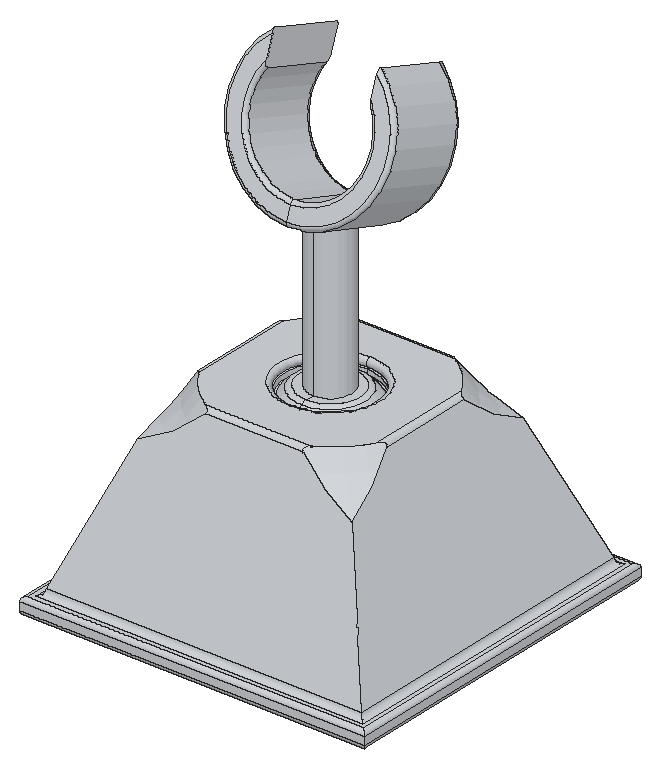
Revit family "Accessory-Wall_Holder-KOHLER-Memoirs-K-422", category Specialty Equipment, host Face, Revit 2015
Parameters (values of type "CP-Polished Chrome")
  Width = 2 7/16"  # constant formula
  URL = "https://www.us.kohler.com/us/"
  Type = 1
  Product Page URL = "http://www.us.kohler.com/us/catalog/productDetails.jsp?productNumber=422"
  Product Name = "Memoirs"  # constant formula
  Product Documentation Link = "http://www.us.kohler.com/onlinecatalog/pdf/K-422_spec.pdf"
  Model = if(Type = 1, "K-422-CP", if(Type = 2, "K-422-BN", if(Type = 3, "K-422-BV", if(Type = 4, "K-422-2BZ", "NA"))))  # "K-422-CP"
  Material = "Brass construction"  # constant formula
  MasterFormat 2004 = "10.28.13"  # constant formula
  MasterFormat 1995 = "10820"  # constant formula
  Manufacturer Address = "444 Highland Dr, Kohler, WI 53044"  # constant formula
  Manufacturer = "KOHLER Co."  # constant formula
  Length = 3 1/2"  # constant formula
  Height = 2 7/16"  # constant formula
  Finish = Kohler-Metal-CP-Polished_Chrome
  Environmental Product Declaration = ""
  Description = "Adjustable wall-mount holder"  # constant formula
  Default Elevation = 42"
  Declare Label = ""
  Date Modified = "12/25/2018"  # constant formula
  Date Created = "12/25/2018"  # constant formula
  Copyright = "Copyright KOHLER Co."  # constant formula
  Contact Us = "https://www.us.kohler.com/us/static/contact.jsp"
  Assembly Code = "C1030200"
  ADA Compliant = 1 = 0  # no
Types (5): name | Type | Model | Finish
  (no name) | 1 | "K-422-CP" | Kohler-Metal-CP-Polished_Chrome
  CP-Polished Chrome | 1 | "K-422-CP" | Kohler-Metal-CP-Polished_Chrome
  BN-Vibrant Brushed Nickel | 2 | "K-422-BN" | Kohler-Metal-BN-Vibrant_Brushed_Nickel
  BV-Vibrant Brushed Bronze | 3 | "K-422-BV" | Kohler-Metal-BV-Brushed_Bronze
  2BZ-Oil Rubbed Bronze | 4 | "K-422-2BZ" | Kohler-Metal-2BZ-Oil_Rubbed_Bronze
Reference planes (in)
  plane 1 "Center (Front/Back)": y = 0
  plane 2: z = 0
  plane 3 "Center (Left/Right)": x = 0
  plane 4: x = -1.21875
  plane 5: z = 3.5
  plane 6: x = 1.21875
  plane 7: y = 1.21875
  plane 8: y = -1.21875
Dimensions and locks (in)
  "Width": plane 4 to plane 6
  "Height": plane 8 to plane 7
  "Length": plane 5 to level
  aligned and locked: plane 2 to host face
  aligned and locked: level to host face
Automatic sketch dimensions
  host sketch curve to host sketch curve = 96"  (x2)
Nested families (in)
  nested 1: "K-422" at (0, 0, 0), type "K-422"
Definition of nested family "K-422"
  Parameters (values of type "K-422")
    Material = none
  Reference planes (in)
    plane 1 "Center (Front/Back)": y = 0
    plane 2: z = 0
    plane 3 "Center (Left/Right)": x = 0
    plane 4: y = 1.21875
    plane 5: y = -1.21875
    plane 6: x = -1.21875
    plane 7: x = 1.21875
    plane 8: z = 3.5
  Forms (in)
    Sweep 1, solid, material <- "Material", detail levels medium+fine
      path origin (0, 0, 0) x (1, 0, 0) y (0, 1, 0)
        loop
          line (-1.21875, 1.21875) -> (-1.21875, -1.21875) -> (1.21875, -1.21875) -> (1.21875, 1.21875) -> (-1.21875, 1.21875)
      profile origin (0, 1.21875, 0) x (0, 1, 0) y (0, 0, 1)
        loop
          line (-0.0312565, 0.12) -> (-0.0634381, 0.12)
          arc (-0.0634381, 0.12) -> (-0.0918312, 0.1316959) -> (-0.1037488, 0.1599967) r 0.0403119
          arc (-0.1037488, 0.1599967) -> (-0.3455292, 0.7443671) -> (-0.5453805, 1.344372) r 8.9375263
          arc (-0.5453805, 1.344372) -> (-0.5626394, 1.3665922) -> (-0.5894891, 1.375) r 0.0470753
          line (-0.5894891, 1.375) -> (-0.6202933, 1.375) -> (-0.6202933, 0) -> (-0.0324443, 0)
          arc (-0.0324443, 0) -> (-0.0095027, 0.0095027) -> (0, 0.0324443) r 0.0324443
          line (0, 0.0324443) -> (0, 0.0887435)
          arc (0, 0.0887435) -> (-0.0091548, 0.1108452) -> (-0.0312565, 0.12) r 0.0312565
    Revolve 2, void
      sketch origin (0, 0, 0) x (0, 1, 0) y (0, 0, 1)
        loop
          arc (0.7199492, 1.3983089) -> (0.9269259, 1.1666784) -> (1.2058806, 1.0300169) r 0.8097454
          arc (1.2058806, 1.0300169) -> (1.2340626, 1.0121746) -> (1.2471328, 0.9814868) r 0.0560952
          line (1.2471328, 0.9814868) -> (1.2471328, 1.4249111) -> (0.6790587, 1.4249111)
          arc (0.6790587, 1.4249111) -> (0.7026027, 1.4163732) -> (0.7199492, 1.3983089) r 0.0551892
        axis (0, 1.4249111) -> (0, 0.9814868)
      angle from 0 to 360
    Extrusion 3, solid, material <- "Material", detail levels medium+fine
      sketch origin (0, 0, 0) x (1, 0, 0) y (0, 1, 0)
        loop
          line (-0.5984567, 0.5984567) -> (-0.5984567, -0.5984567) -> (0.5984567, -0.5984567) -> (0.5984567, 0.5984567) -> (-0.5984567, 0.5984567)
      from 0 to 1.375
    Revolve 4, solid, material <- "Material", detail levels medium+fine
      sketch origin (0, 0, -0.026557) x (0, 1, 0) y (0, 0, 1)
        loop
          line (0.1884811, 2.3722836) -> (0.223512, 2.4685304)
          arc (0.223512, 2.4685304) -> (0.2225991, 2.4894384) -> (0.2071694, 2.5035772) r 0.0273438
          line (0.2071694, 2.5035772) -> (-0.3146537, 2.6935052)
          arc (-0.3146537, 2.6935052) -> (-0.3355618, 2.6925924) -> (-0.3497005, 2.6771626) r 0.0273438
          line (-0.3497005, 2.6771626) -> (-0.3853188, 2.5793022)
          arc (-0.3853188, 2.5793022) -> (-0.3844059, 2.5583941) -> (-0.3689762, 2.5442554) r 0.0273438
          line (-0.3689762, 2.5442554) -> (0.1512332, 2.3549146)
          arc (0.1512332, 2.3549146) -> (0.1734543, 2.3558848) -> (0.1884811, 2.3722836) r 0.029061
        axis (0.3795788, 2.8973203) -> (-0.1936337, 3.1059526)
      angle from 0 to 360
    Revolve 5, solid, material <- "Material", detail levels medium+fine
      sketch origin (0, 0, -0.026557) x (0, 1, 0) y (0, 0, 1)
        loop
          line (0, 2.4829447) -> (-0.1499998, 2.4829447) -> (-0.1499998, 1.379959) -> (-0.2141118, 1.379959)
          arc (-0.2141118, 1.379959) -> (-0.2346233, 1.3762516) -> (-0.2525391, 1.3655984) r 0.0585938
          arc (-0.2525391, 1.3655984) -> (-0.2961952, 1.3208543) -> (-0.3319164, 1.2695524) r 0.3796251
          line (-0.3319164, 1.2695524) -> (0, 1.2695524) -> (0, 2.4829447)
        axis (0, 2.4829447) -> (0, 1.2695524)
      angle from 0 to 360
    Extrusion 6, void
      sketch origin (0, -1.1778938, 0.2267643) x (1, 0, 0) y (0, 0.34202, 0.939693)
        loop
          line (0.37, 3.9667446) -> (-0.37, 3.9667446) -> (-0.37, 2.9667446) -> (0.37, 2.9667446) -> (0.37, 3.9667446)
      from -0.7521998 to 0.2389483
    Blend 7, solid, material <- "Material", detail levels coarse
      base sketch origin (0, 0, 0) x (1, 0, 0) y (0, 1, 0)
        loop
          line (-1.21875, 1.21875) -> (-1.21875, -1.21875) -> (1.21875, -1.21875) -> (1.21875, 1.21875) -> (-1.21875, 1.21875)
      top sketch origin (0, 0, 0) x (1, 0, 0) y (0, 1, 0)
        loop
          line (-0.6733695, 0.6733695) -> (-0.6733695, -0.6733695) -> (0.6733695, -0.6733695) -> (0.6733695, 0.6733695) -> (-0.6733695, 0.6733695)
      from 0 to 1.375
    Extrusion 8, solid, material <- "Material", detail levels coarse
      sketch origin (0, 0, 0) x (1, 0, 0) y (0, 1, 0)
        loop
          circle (0, 0) r 0.1567189
      from 1.1770332 to 2.5356889
    Extrusion 9, solid, material <- "Material", detail levels coarse
      sketch origin (0, -1.147934, 0.0385507) x (1, 0, 0) y (0, 0.34202, 0.939693)
        loop
          circle (0, 3.1882721) r 0.5908917
      from -0.4667187 to 0.1433468
    Revolve 10, void
      sketch origin (0, 0, 0) x (0, 1, 0) y (0, 0, 1)
        loop
          line (0.3542095, 1.375) -> (0, 1.375) -> (0, 1.2800001) -> (0.3232417, 1.2800001) -> (0.3232417, 1.315) -> (0.3542095, 1.315)
          arc (0.3542095, 1.315) -> (0.3242095, 1.345) -> (0.3542095, 1.375) r 0.03
        axis (0, 1.375) -> (0, 1.2800001)
      angle from 0 to 360
  Cuts and joins
    joined: Blend 7, Extrusion 8, Extrusion 9
    Revolve 2, Revolve 10 cuts Sweep 1
    Revolve 2, Revolve 10 cuts Extrusion 3
    joined: Sweep 1, Extrusion 3
    Extrusion 6 cuts Revolve 4
    joined: Revolve 4, Revolve 5
  Lines and regions (in)
    Masking region 1
      outline origin (0, 0, 0) x (1, 0, 0) y (0, 1, 0)
        loop
          arc (-1.1659151, 1.21875) -> (-1.203275, 1.203275) -> (-1.21875, 1.1659151) r 0.0528349
          line (-1.21875, 1.1659151) -> (-1.21875, -1.1640625)
          arc (-1.21875, -1.1640625) -> (-1.2027324, -1.2027324) -> (-1.1640625, -1.21875) r 0.0546875
          line (-1.1640625, -1.21875) -> (1.1640625, -1.21875)
          arc (1.1640625, -1.21875) -> (1.2027324, -1.2027324) -> (1.21875, -1.1640625) r 0.0546875
          line (1.21875, -1.1640625) -> (1.21875, 1.1640625)
          arc (1.21875, 1.1640625) -> (1.2027324, 1.2027324) -> (1.1640625, 1.21875) r 0.0546875
          line (1.1640625, 1.21875) -> (-1.1659151, 1.21875)
    Masking region 2
      outline origin (0, 0, 0) x (1, 0, 0) y (0, 0, 1)
        loop
          line (1.1874935, 0.12) -> (1.1553119, 0.12)
          arc (1.1553119, 0.12) -> (1.1269188, 0.1316959) -> (1.1150012, 0.1599967) r 0.0403119
          arc (1.1150012, 0.1599967) -> (0.8732208, 0.7443671) -> (0.6733695, 1.344372) r 8.9375263
          arc (0.6733695, 1.344372) -> (0.6561106, 1.3665922) -> (0.6292609, 1.375) r 0.0470753
          line (0.6292609, 1.375) -> (0.15, 1.375) -> (0.15, 2.3430622)
          arc (0.15, 2.3430622) -> (0.4657487, 2.5527354) -> (0.5879243, 2.9115294) r 0.5879243
          line (0.5879243, 2.9115294) -> (0.5879243, 3.083378)
          arc (0.5879243, 3.083378) -> (0.5375107, 3.3111398) -> (0.3956882, 3.4963513) r 0.5397054
          arc (0.3956882, 3.4963513) -> (0.3790323, 3.4985612) -> (0.37, 3.4843937) r 0.0156272
          line (0.37, 3.4843937) -> (0.37, 3.1012324)
          arc (0.37, 3.1012324) -> (0.3720052, 3.0852086) -> (0.3778974, 3.070173) r 0.0650248
          arc (0.3778974, 3.070173) -> (0.400014, 3.0228546) -> (0.4162323, 2.9732044) r 0.4301386
          arc (0.4162323, 2.9732044) -> (0.0001499, 2.669054) -> (-0.4163981, 2.9725666) r 0.437137
          arc (-0.4163981, 2.9725666) -> (-0.400135, 3.0225482) -> (-0.3778974, 3.070173) r 0.4301386
          arc (-0.3778974, 3.070173) -> (-0.3720052, 3.0852086) -> (-0.37, 3.1012324) r 0.0650248
          line (-0.37, 3.1012324) -> (-0.37, 3.4843937)
          arc (-0.37, 3.4843937) -> (-0.3790323, 3.4985612) -> (-0.3956882, 3.4963513) r 0.0156272
          arc (-0.3956882, 3.4963513) -> (-0.5375107, 3.3111398) -> (-0.5879243, 3.083378) r 0.5397054
          line (-0.5879243, 3.083378) -> (-0.5879243, 2.9115294)
          arc (-0.5879243, 2.9115294) -> (-0.4657487, 2.5527354) -> (-0.15, 2.3430622) r 0.5879243
          line (-0.15, 2.3430622) -> (-0.15, 1.375) -> (-0.6292609, 1.375)
          arc (-0.6292609, 1.375) -> (-0.6561106, 1.3665922) -> (-0.6733695, 1.344372) r 0.0470753
          arc (-0.6733695, 1.344372) -> (-0.8732208, 0.7443671) -> (-1.1150012, 0.1599967) r 8.9375263
          arc (-1.1150012, 0.1599967) -> (-1.1269188, 0.1316959) -> (-1.1553119, 0.12) r 0.0403119
          line (-1.1553119, 0.12) -> (-1.1874935, 0.12)
          arc (-1.1874935, 0.12) -> (-1.2095952, 0.1108452) -> (-1.21875, 0.0887435) r 0.0312565
          line (-1.21875, 0.0887435) -> (-1.21875, 0.0324443)
          arc (-1.21875, 0.0324443) -> (-1.2092473, 0.0095027) -> (-1.1863057, 0) r 0.0324443
          line (-1.1863057, 0) -> (1.1863057, 0)
          arc (1.1863057, 0) -> (1.2092473, 0.0095027) -> (1.21875, 0.0324443) r 0.0324443
          line (1.21875, 0.0324443) -> (1.21875, 0.0887435)
          arc (1.21875, 0.0887435) -> (1.2095952, 0.1108452) -> (1.1874935, 0.12) r 0.0312565
    Masking region 3
      outline origin (0, 0, 0) x (0, 1, 0) y (0, 0, 1)
        loop
          line (1.1874935, 0.12) -> (1.1553119, 0.12)
          arc (1.1553119, 0.12) -> (1.1269188, 0.1316959) -> (1.1150012, 0.1599967) r 0.0403119
          arc (1.1150012, 0.1599967) -> (0.8732208, 0.7443671) -> (0.6733695, 1.344372) r 8.9375263
          arc (0.6733695, 1.344372) -> (0.6561106, 1.3665922) -> (0.6292609, 1.375) r 0.0470753
          line (0.6292609, 1.375) -> (0.1567189, 1.375) -> (0.1567189, 2.3270126)
          arc (0.1567189, 2.3270126) -> (0.1760468, 2.3308682) -> (0.1886023, 2.3460599) r 0.0294155
          line (0.1886023, 2.3460599) -> (0.525535, 3.2717747)
          arc (0.525535, 3.2717747) -> (0.5245281, 3.2948367) -> (0.5075088, 3.310432) r 0.0301606
          line (0.5075088, 3.310432) -> (-0.008533, 3.4982558)
          arc (-0.008533, 3.4982558) -> (-0.0320415, 3.4972294) -> (-0.0479388, 3.4798806) r 0.0307446
          line (-0.0479388, 3.4798806) -> (-0.3844678, 2.5552747)
          arc (-0.3844678, 2.5552747) -> (-0.3834659, 2.5323267) -> (-0.3665307, 2.5168085) r 0.0300115
          line (-0.3665307, 2.5168085) -> (-0.1567189, 2.4404433) -> (-0.1567189, 1.375) -> (-0.6292609, 1.375)
          arc (-0.6292609, 1.375) -> (-0.6561106, 1.3665922) -> (-0.6733695, 1.344372) r 0.0470753
          arc (-0.6733695, 1.344372) -> (-0.8732208, 0.7443671) -> (-1.1150012, 0.1599967) r 8.9375263
          arc (-1.1150012, 0.1599967) -> (-1.1269188, 0.1316959) -> (-1.1553119, 0.12) r 0.0403119
          line (-1.1553119, 0.12) -> (-1.1874935, 0.12)
          arc (-1.1874935, 0.12) -> (-1.2095952, 0.1108452) -> (-1.21875, 0.0887435) r 0.0312565
          line (-1.21875, 0.0887435) -> (-1.21875, 0.0324443)
          arc (-1.21875, 0.0324443) -> (-1.2092473, 0.0095027) -> (-1.1863057, 0) r 0.0324443
          line (-1.1863057, 0) -> (1.1863057, 0)
          arc (1.1863057, 0) -> (1.2092473, 0.0095027) -> (1.21875, 0.0324443) r 0.0324443
          line (1.21875, 0.0324443) -> (1.21875, 0.0887435)
          arc (1.21875, 0.0887435) -> (1.2095952, 0.1108452) -> (1.1874935, 0.12) r 0.0312565
    symbolic lines, detail levels medium+fine
      curve 1: spline (-0.7553726, 0.7553726, 0) -> (-0.7165646, 0.7503744, 0) -> (-0.6783549, 0.7450072, 0) -> (-0.6407918, 0.7392778, 0) -> (-0.6039231, 0.7331935, 0) -> (-0.5677956, 0.7267621, 0) -> (-0.5324551, 0.7199917, 0) -> (-0.4979465, 0.7128908, 0) -> (-0.4643136, 0.7054686, 0) -> (-0.4315991, 0.6977343, 0) -> (-0.3998446, 0.6896979, 0) -> (-0.3690902, 0.6813696, 0) -> (-0.3393751, 0.6727598, 0)
      curve 2: spline (-0.6727867, 0.3394144, 0) -> (-0.6811923, 0.3691322, 0) -> (-0.6893528, 0.3998882, 0) -> (-0.697258, 0.4316432, 0) -> (-0.7048977, 0.4643571, 0) -> (-0.7122622, 0.4979882, 0) -> (-0.7193423, 0.532494, 0) -> (-0.726129, 0.5678306, 0) -> (-0.7326136, 0.6039531, 0) -> (-0.7387879, 0.6408158, 0) -> (-0.744644, 0.6783719, 0) -> (-0.7501746, 0.7165736, 0) -> (-0.7553726, 0.7553726, 0)
      curve 3: arc (-0.3735598, 0.6322267, 0) -> (-0.5195823, 0.5189332, 0) -> (-0.6326931, 0.3727692, 0) r 0.7343415
      curve 4: spline (-0.3393751, 0.6727598, 0) -> (-0.3385705, 0.6694775, 0) -> (-0.3385482, 0.6659032, 0) -> (-0.3393086, 0.6621155, 0) -> (-0.340835, 0.6581977, 0) -> (-0.3430939, 0.6542357, 0) -> (-0.3460356, 0.6503166, 0) -> (-0.3495956, 0.6465266, 0) -> (-0.3536956, 0.6429487, 0) -> (-0.3582456, 0.6396618, 0) -> (-0.3631456, 0.6367378, 0) -> (-0.368288, 0.6342412, 0) -> (-0.3735598, 0.6322267, 0)
      curve 5: spline (-0.6326931, 0.3727692, 0) -> (-0.6349422, 0.3677056, 0) -> (-0.6376204, 0.3627677, 0) -> (-0.6406709, 0.3580602, 0) -> (-0.644029, 0.353683, 0) -> (-0.6476234, 0.3497289, 0) -> (-0.6513781, 0.3462818, 0) -> (-0.6552133, 0.3434148, 0) -> (-0.6590476, 0.3411886, 0) -> (-0.6627999, 0.3396506, 0) -> (-0.6663904, 0.3388332, 0) -> (-0.669743, 0.338754, 0) -> (-0.6727867, 0.3394144, 0)
      curve 6: line (0.341414, 0.6733695, 0) -> (-0.341414, 0.6733695, 0)
      curve 7: arc (0.2139223, 0.2423272, 0) -> (0, 0.3232417, 0) -> (-0.2139223, 0.2423272, 0) r 0.3232417
      curve 8: line (-0.37, 0.5015875, 0) -> (-0.37, -0.0937033, 0)
      curve 9: line (0.37, -0.0937033, 0) -> (0.37, 0.5015875, 0)
      curve 10: line (-0.6733695, 0.341414, 0) -> (-0.6733695, -0.341414, 0)
      curve 11: line (0.6733695, -0.341414, 0) -> (0.6733695, 0.341414, 0)
      curve 12: spline (0.7553726, 0.7553726, 0) -> (0.7167886, 0.7504045, 0) -> (0.6787956, 0.7450717, 0) -> (0.6414413, 0.7393808, 0) -> (0.6047724, 0.733339, 0) -> (0.5688351, 0.7269539, 0) -> (0.5336743, 0.7202335, 0) -> (0.4993343, 0.7131862, 0) -> (0.4658581, 0.7058208, 0) -> (0.4332877, 0.6981466, 0) -> (0.401664, 0.6901733, 0) -> (0.3710266, 0.6819108, 0) -> (0.341414, 0.6733695, 0)
      curve 13: spline (0.6733695, 0.341414, 0) -> (0.6817115, 0.3710312, 0) -> (0.6898106, 0.4016724, 0) -> (0.6976566, 0.433299, 0) -> (0.7052397, 0.4658715, 0) -> (0.7125504, 0.499349, 0) -> (0.7195794, 0.5336894, 0) -> (0.7263181, 0.5688498, 0) -> (0.7327579, 0.6047858, 0) -> (0.7388907, 0.6414526, 0) -> (0.7447089, 0.678804, 0) -> (0.7502052, 0.7167932, 0) -> (0.7553726, 0.7553726, 0)
      curve 14: arc (0.3735598, 0.6322267, 0) -> (0.5195823, 0.5189332, 0) -> (0.6326931, 0.3727692, 0) r 0.7343415
      curve 15: spline (0.3393751, 0.6727598, 0) -> (0.3385705, 0.6694775, 0) -> (0.3385482, 0.6659032, 0) -> (0.3393086, 0.6621155, 0) -> (0.340835, 0.6581977, 0) -> (0.3430939, 0.6542357, 0) -> (0.3460356, 0.6503166, 0) -> (0.3495956, 0.6465266, 0) -> (0.3536956, 0.6429487, 0) -> (0.3582456, 0.6396618, 0) -> (0.3631456, 0.6367378, 0) -> (0.368288, 0.6342412, 0) -> (0.3735598, 0.6322267, 0)
      curve 16: spline (0.6326931, 0.3727692, 0) -> (0.6349422, 0.3677056, 0) -> (0.6376204, 0.3627677, 0) -> (0.6406709, 0.3580602, 0) -> (0.644029, 0.353683, 0) -> (0.6476234, 0.3497289, 0) -> (0.6513781, 0.3462818, 0) -> (0.6552133, 0.3434148, 0) -> (0.6590476, 0.3411886, 0) -> (0.6627999, 0.3396506, 0) -> (0.6663904, 0.3388332, 0) -> (0.669743, 0.338754, 0) -> (0.6727867, 0.3394144, 0)
      curve 17: spline (0.7553726, -0.7553726, 0) -> (0.7165646, -0.7503744, 0) -> (0.6783549, -0.7450072, 0) -> (0.6407918, -0.7392778, 0) -> (0.6039231, -0.7331935, 0) -> (0.5677956, -0.7267621, 0) -> (0.5324551, -0.7199917, 0) -> (0.4979465, -0.7128908, 0) -> (0.4643136, -0.7054686, 0) -> (0.4315991, -0.6977343, 0) -> (0.3998446, -0.6896979, 0) -> (0.3690902, -0.6813696, 0) -> (0.3393751, -0.6727598, 0)
      curve 18: spline (0.6733695, -0.341414, 0) -> (0.6817115, -0.3710312, 0) -> (0.6898106, -0.4016724, 0) -> (0.6976566, -0.433299, 0) -> (0.7052397, -0.4658715, 0) -> (0.7125504, -0.499349, 0) -> (0.7195794, -0.5336894, 0) -> (0.7263181, -0.5688498, 0) -> (0.7327579, -0.6047858, 0) -> (0.7388907, -0.6414526, 0) -> (0.7447089, -0.678804, 0) -> (0.7502052, -0.7167932, 0) -> (0.7553726, -0.7553726, 0)
      curve 19: arc (0.3735598, -0.6322267, 0) -> (0.5195823, -0.5189332, 0) -> (0.6326931, -0.3727692, 0) r 0.7343415
      curve 20: spline (0.3393751, -0.6727598, 0) -> (0.3385705, -0.6694775, 0) -> (0.3385482, -0.6659032, 0) -> (0.3393086, -0.6621155, 0) -> (0.340835, -0.6581977, 0) -> (0.3430939, -0.6542357, 0) -> (0.3460356, -0.6503166, 0) -> (0.3495956, -0.6465266, 0) -> (0.3536956, -0.6429487, 0) -> (0.3582456, -0.6396618, 0) -> (0.3631456, -0.6367378, 0) -> (0.368288, -0.6342412, 0) -> (0.3735598, -0.6322267, 0)
      curve 21: spline (0.6326931, -0.3727692, 0) -> (0.6349422, -0.3677056, 0) -> (0.6376204, -0.3627677, 0) -> (0.6406709, -0.3580602, 0) -> (0.644029, -0.353683, 0) -> (0.6476234, -0.3497289, 0) -> (0.6513781, -0.3462818, 0) -> (0.6552133, -0.3434148, 0) -> (0.6590476, -0.3411886, 0) -> (0.6627999, -0.3396506, 0) -> (0.6663904, -0.3388332, 0) -> (0.669743, -0.338754, 0) -> (0.6727867, -0.3394144, 0)
      curve 22: spline (-0.7553726, -0.7553726, 0) -> (-0.7165646, -0.7503744, 0) -> (-0.6783549, -0.7450072, 0) -> (-0.6407918, -0.7392778, 0) -> (-0.6039231, -0.7331935, 0) -> (-0.5677956, -0.7267621, 0) -> (-0.5324551, -0.7199917, 0) -> (-0.4979465, -0.7128908, 0) -> (-0.4643136, -0.7054686, 0) -> (-0.4315991, -0.6977343, 0) -> (-0.3998446, -0.6896979, 0) -> (-0.3690902, -0.6813696, 0) -> (-0.3393751, -0.6727598, 0)
      curve 23: spline (-0.6733695, -0.341414, 0) -> (-0.6817115, -0.3710312, 0) -> (-0.6898106, -0.4016724, 0) -> (-0.6976566, -0.433299, 0) -> (-0.7052397, -0.4658715, 0) -> (-0.7125504, -0.499349, 0) -> (-0.7195794, -0.5336894, 0) -> (-0.7263181, -0.5688498, 0) -> (-0.7327579, -0.6047858, 0) -> (-0.7388907, -0.6414526, 0) -> (-0.7447089, -0.678804, 0) -> (-0.7502052, -0.7167932, 0) -> (-0.7553726, -0.7553726, 0)
      curve 24: arc (-0.3735598, -0.6322267, 0) -> (-0.5195823, -0.5189332, 0) -> (-0.6326931, -0.3727692, 0) r 0.7343415
      curve 25: spline (-0.3393751, -0.6727598, 0) -> (-0.3385705, -0.6694775, 0) -> (-0.3385482, -0.6659032, 0) -> (-0.3393086, -0.6621155, 0) -> (-0.340835, -0.6581977, 0) -> (-0.3430939, -0.6542357, 0) -> (-0.3460356, -0.6503166, 0) -> (-0.3495956, -0.6465266, 0) -> (-0.3536956, -0.6429487, 0) -> (-0.3582456, -0.6396618, 0) -> (-0.3631456, -0.6367378, 0) -> (-0.368288, -0.6342412, 0) -> (-0.3735598, -0.6322267, 0)
      curve 26: spline (-0.6326931, -0.3727692, 0) -> (-0.6349422, -0.3677056, 0) -> (-0.6376204, -0.3627677, 0) -> (-0.6406709, -0.3580602, 0) -> (-0.644029, -0.353683, 0) -> (-0.6476234, -0.3497289, 0) -> (-0.6513781, -0.3462818, 0) -> (-0.6552133, -0.3434148, 0) -> (-0.6590476, -0.3411886, 0) -> (-0.6627999, -0.3396506, 0) -> (-0.6663904, -0.3388332, 0) -> (-0.669743, -0.338754, 0) -> (-0.6727867, -0.3394144, 0)
      curve 27: spline (-0.37, 0.288762, 0) -> (-0.3270091, 0.2705877, 0) -> (-0.2742129, 0.2549109, 0) -> (-0.2131945, 0.2422018, 0) -> (-0.1457835, 0.2328416, 0) -> (-0.0740012, 0.2271107, 0) -> (0, 0.2251812, 0) -> (0.0740012, 0.2271107, 0) -> (0.1457835, 0.2328416, 0) -> (0.2131945, 0.2422018, 0) -> (0.2742129, 0.2549109, 0) -> (0.3270091, 0.2705877, 0) -> (0.37, 0.288762, 0)
      curve 28: line (-0.5877934, 0.3522707, 0) -> (-0.5877934, -0.1679398, 0)
      curve 29: line (0.5877934, 0.3522707, 0) -> (0.5877934, -0.1679398, 0)
      curve 30: spline (-0.5877934, 0.3522707, 0) -> (-0.586339, 0.368051, 0) -> (-0.5819832, 0.3837532, 0) -> (-0.5747473, 0.3992996, 0) -> (-0.5646673, 0.4146133, 0) -> (-0.5517929, 0.4296185, 0) -> (-0.5361881, 0.4442409, 0) -> (-0.5179298, 0.4584082, 0) -> (-0.4971086, 0.4720502, 0) -> (-0.4738273, 0.4850996, 0) -> (-0.4482014, 0.4974916, 0) -> (-0.4203575, 0.509165, 0) -> (-0.3904334, 0.520062, 0)
      curve 31: spline (-0.5877934, -0.1679398, 0) -> (-0.5677648, -0.224603, 0) -> (-0.509044, -0.2774048, 0) -> (-0.4156327, -0.3227467, 0) -> (-0.2938967, -0.3575388, 0) -> (-0.1521321, -0.37941, 0) -> (0, -0.3868699, 0) -> (0.1521321, -0.37941, 0) -> (0.2938967, -0.3575388, 0) -> (0.4156327, -0.3227467, 0) -> (0.509044, -0.2774048, 0) -> (0.5677648, -0.224603, 0) -> (0.5877934, -0.1679398, 0)
      curve 32: spline (0.3904334, 0.520062, 0) -> (0.4203575, 0.509165, 0) -> (0.4482014, 0.4974916, 0) -> (0.4738273, 0.4850996, 0) -> (0.4971086, 0.4720502, 0) -> (0.5179298, 0.4584082, 0) -> (0.5361881, 0.4442409, 0) -> (0.5517929, 0.4296185, 0) -> (0.5646673, 0.4146133, 0) -> (0.5747473, 0.3992996, 0) -> (0.5819832, 0.3837532, 0) -> (0.586339, 0.368051, 0) -> (0.5877934, 0.3522707, 0)
      curve 33: arc (-0.3904334, 0.520062, 0) -> (-0.3761154, 0.5153609, 0) -> (-0.37, 0.5015875, 0) r 0.0185684
      curve 34: arc (0.3904334, 0.520062, 0) -> (0.3761154, 0.5153609, 0) -> (0.37, 0.5015875, 0) r 0.0185684
      curve 35: spline (0.3789983, -0.1133957, 0) -> (0.4244986, -0.151179, 0) -> (0.4205318, -0.1909154, 0) -> (0.3675602, -0.2279743, 0) -> (0.2717566, -0.2580372, 0) -> (0.1442851, -0.277601, 0) -> (0, -0.2843858, 0) -> (-0.1442851, -0.277601, 0) -> (-0.2717566, -0.2580372, 0) -> (-0.3675602, -0.2279743, 0) -> (-0.4205318, -0.1909154, 0) -> (-0.4244986, -0.151179, 0) -> (-0.3789983, -0.1133957, 0)
      curve 36: arc (-0.37, -0.0937033, 0) -> (-0.3723561, -0.1045287, 0) -> (-0.3789983, -0.1133957, 0) r 0.0260473
      curve 37: arc (0.37, -0.0937033, 0) -> (0.3723561, -0.1045287, 0) -> (0.3789983, -0.1133957, 0) r 0.0260473
      curve 38: line (1.0837512, 1.1150012, 0) -> (-1.082065, 1.1150012, 0)
      curve 39: line (-1.1150012, 1.082065, 0) -> (-1.1150012, -1.0837512, 0)
      curve 40: line (-1.0837512, -1.1150012, 0) -> (1.0837512, -1.1150012, 0)
      curve 41: line (1.1150012, -1.0837512, 0) -> (1.1150012, 1.0837512, 0)
      curve 42: line (-1.1053544, 1.1053544, 0) -> (-0.7553726, 0.7553726, 0)
      curve 43: line (1.1058483, 1.1058483, 0) -> (0.7553726, 0.7553726, 0)
      curve 44: line (1.1058483, -1.1058483, 0) -> (0.7553726, -0.7553726, 0)
      curve 45: line (-1.1058483, -1.1058483, 0) -> (-0.7553726, -0.7553726, 0)
      curve 46: line (0.341414, -0.6733695, 0) -> (-0.341414, -0.6733695, 0)
      curve 47: line (1.1552301, 0, 0.1207553) -> (-1.1552301, 0, 0.1207553)
      curve 48: line (-1.1150012, 0, 0.1599967) -> (1.1150012, 0, 0.1599967)
      curve 49: spline (0.3547712, 0, 1.375) -> (0.3518846, 0, 1.3739612) -> (0.3492225, 0, 1.3726082) -> (0.3468123, 0, 1.3709549) -> (0.3446791, 0, 1.3690184) -> (0.3428447, 0, 1.3668186) -> (0.3413282, 0, 1.3643784) -> (0.3401452, 0, 1.3617228) -> (0.3393078, 0, 1.3588794) -> (0.3388248, 0, 1.3558773) -> (0.3387011, 0, 1.3527477) -> (0.338938, 0, 1.3495229) -> (0.3395331, 0, 1.346236)
      curve 50: spline (0.3395331, 0, 1.346236) -> (0.3692451, 0, 1.3177627) -> (0.3999943, 0, 1.2903388) -> (0.4317419, 0, 1.2639991) -> (0.4644474, 0, 1.2387771) -> (0.4980695, 0, 1.2147046) -> (0.5325654, 0, 1.1918123) -> (0.5678915, 0, 1.1701291) -> (0.604003, 0, 1.1496826) -> (0.640854, 0, 1.1304986) -> (0.6783978, 0, 1.1126016) -> (0.7165868, 0, 1.0960142) -> (0.7553726, 0, 1.0807574)
      curve 51: line (0.341414, 0, 1.344372) -> (-0.341414, 0, 1.344372)
      curve 52: spline (-0.7553726, 0, 1.0807574) -> (-0.7167886, 0, 1.0959835) -> (-0.6787956, 0, 1.1125162) -> (-0.6414413, 0, 1.1303349) -> (-0.6047724, 0, 1.1494171) -> (-0.5688351, 0, 1.169739) -> (-0.5336743, 0, 1.1912749) -> (-0.4993343, 0, 1.213998) -> (-0.4658581, 0, 1.2378797) -> (-0.4332877, 0, 1.26289) -> (-0.401664, 0, 1.2889975) -> (-0.3710266, 0, 1.3161695) -> (-0.341414, 0, 1.344372)
      curve 53: spline (-0.3399862, 0, 1.3443752) -> (-0.3390453, 0, 1.3478972) -> (-0.3385459, 0, 1.3513741) -> (-0.338494, 0, 1.3547621) -> (-0.3388905, 0, 1.3580187) -> (-0.3397302, 0, 1.3611029) -> (-0.3410027, 0, 1.363976) -> (-0.342692, 0, 1.3666019) -> (-0.3447768, 0, 1.3689477) -> (-0.347231, 0, 1.3709839) -> (-0.3500237, 0, 1.3726848) -> (-0.3531198, 0, 1.3740291) -> (-0.3564805, 0, 1.375)
      curve 54: line (0.15, 0, 1.375) -> (-0.15, 0, 1.375)
      curve 55: arc (0.15, 0, 2.3430622) -> (0, 0, 2.3229435) -> (-0.15, 0, 2.3430622) r 0.5692396
      curve 56: arc (0.4162323, 0, 2.9732044) -> (0.4274959, 0, 2.9222371) -> (0.4349119, 0, 2.8705695) r 0.6966526
      curve 57: arc (-0.4162323, 0, 2.9732044) -> (-0.4274959, 0, 2.9222371) -> (-0.4349119, 0, 2.8705695) r 0.6966526
      curve 58: line (0, 1.1553119, 0.12) -> (0, -1.1553119, 0.12)
      curve 59: line (0, 1.1150012, 0.1599967) -> (0, -1.1150012, 0.1599967)
      curve 60: spline (0, 0.3395331, 1.3462361) -> (0, 0.3692449, 1.3177627) -> (0, 0.399994, 1.2903388) -> (0, 0.4317415, 1.2639991) -> (0, 0.464447, 1.238777) -> (0, 0.498069, 1.2147045) -> (0, 0.532565, 1.1918122) -> (0, 0.5678911, 1.170129) -> (0, 0.6040026, 1.1496825) -> (0, 0.6408536, 1.1304985) -> (0, 0.6783975, 1.1126015) -> (0, 0.7165867, 1.0960141) -> (0, 0.7553726, 1.0807574)
      curve 61: spline (0, 0.3547712, 1.375) -> (0, 0.3518846, 1.3739612) -> (0, 0.3492225, 1.3726082) -> (0, 0.3468124, 1.3709549) -> (0, 0.3446791, 1.3690184) -> (0, 0.3428447, 1.3668186) -> (0, 0.3413282, 1.3643784) -> (0, 0.3401452, 1.3617228) -> (0, 0.3393078, 1.3588794) -> (0, 0.3388248, 1.3558773) -> (0, 0.3387011, 1.3527477) -> (0, 0.338938, 1.3495229) -> (0, 0.3395331, 1.3462361)
      curve 62: line (0, 0.341414, 1.344372) -> (0, -0.3419952, 1.344372)
      curve 63: spline (0, -0.3419952, 1.344372) -> (0, -0.3407486, 1.3477992) -> (0, -0.3399305, 1.3511966) -> (0, -0.3395511, 1.3545216) -> (0, -0.3396153, 1.3577325) -> (0, -0.3401222, 1.360789) -> (0, -0.3410654, 1.3636528) -> (0, -0.3424332, 1.366288) -> (0, -0.3442083, 1.3686614) -> (0, -0.3463686, 1.3707435) -> (0, -0.3488869, 1.372508) -> (0, -0.3517316, 1.3739328) -> (0, -0.3548671, 1.375)
      curve 64: spline (0, -0.7553726, 1.0807574) -> (0, -0.7167886, 1.0959835) -> (0, -0.6787956, 1.1125162) -> (0, -0.6414413, 1.1303349) -> (0, -0.6047724, 1.1494171) -> (0, -0.5688351, 1.169739) -> (0, -0.5336743, 1.1912749) -> (0, -0.4993343, 1.213998) -> (0, -0.4658581, 1.2378797) -> (0, -0.4332877, 1.26289) -> (0, -0.401664, 1.2889975) -> (0, -0.3710266, 1.3161695) -> (0, -0.341414, 1.344372)
      curve 65: line (0, 0.1567189, 1.375) -> (0, -0.1567189, 1.375)
      curve 66: arc (0, 0.1567189, 2.3270126) -> (0, 0.0104651, 2.4126008) -> (0, -0.1565922, 2.4410161) r 0.4719833
      curve 67: arc (-1.082065, 1.1150012, 0) -> (-1.1053544, 1.1053544, 0) -> (-1.1150012, 1.082065, 0) r 0.0329362
      curve 68: arc (1.1150012, 1.0837512, 0) -> (1.1058483, 1.1058483, 0) -> (1.0837512, 1.1150012, 0) r 0.03125
      curve 69: arc (1.0837512, -1.1150012, 0) -> (1.1058483, -1.1058483, 0) -> (1.1150012, -1.0837512, 0) r 0.03125
      curve 70: arc (-1.1150012, -1.0837512, 0) -> (-1.1058483, -1.1058483, 0) -> (-1.0837512, -1.1150012, 0) r 0.03125
  Dimensions and locks (in)
    aligned and locked: level to plane 2
